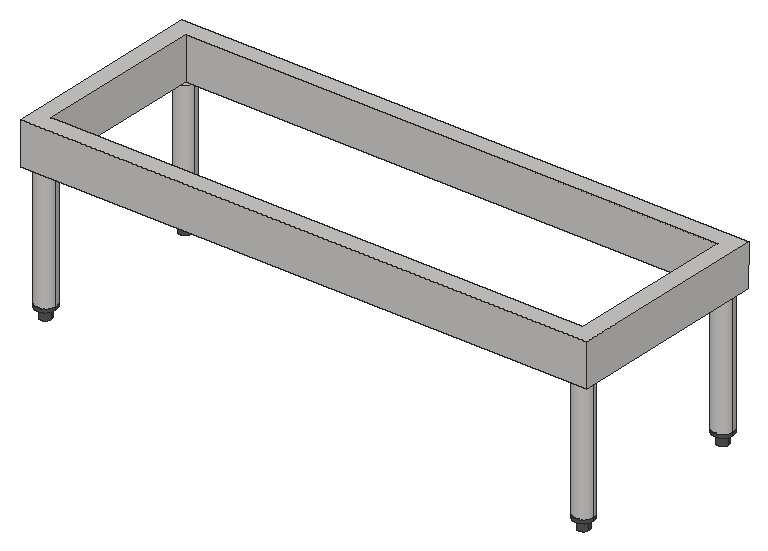
Revit family "QF_CAPIC_PT_W293017", category Equipement spécialisé, Revit 2018
Family settings
  Cote de connecteur circulaire = Utiliser le diamètre
  Type d'élément = Normal
  Numéro OmniClass = 23.40.40.14
  Titre OmniClass = Food Service Equipment
  Basée sur le plan de construction = Non
  Toujours verticalement = Oui
  Couper avec des vides une fois chargée = Non
  Partagée = Non
  Point de calcul de pièce = Non
Parameters (values of type "L=2000mm")
  URL catalogue = "http://www.capic-fr.com/fr/"
  Type de Raccord Plomberie [instance] = ""
  Type de Raccord Electrique [instance] = ""
  Type de Gaz = ""
  Type article [instance] = ""
  Tension = 0 V
  Spécification du Fabricant = ""
  Show Logo = yes
  Remarques evacuation [instance] = ""
  Remarques Plomberie [instance] = ""
  Remarques Electricité [instance] = ""
  Puissance électrique  = 0 W
  Puissance Gaz kW = 0
  Profondeur hors tout = 715 mm
  Pression Maximum Eau Adoucie = 0.0 Pa
  Poids net à vide = 110.00 kg
  Phase = 0
  Modèle = "W293017"
  Longueur hors tout = 2000 mm
  Intensité nominale = 0 A
  Hauteur hors tout = 630 mm
  Hauteur de Raccordement du Sol Finis = 0 mm
  Hauteur de Raccordement Gaz du Sol Finis = 0 mm
  Hauteur de Raccordement Evacuation Directe du Sol Finis = 0 mm
  Hauteur de Raccordement Eau Froide du Sol Finis = 0 mm
  Hauteur de Raccordement Eau Chaude du Sol Finis = 0 mm
  Hauteur de Raccordement Eau Adoucie du Sol Finis = 0 mm
  Fréquence = 0 Hz
  Fabricant = "CAPIC"
  Débit d'air d'extraction = 0.0 m³/h
  Débit Gaz = 0.0 L/s
  Débit Eau Froide = 0.0 L/s
  Débit Eau Chaude = 0.0 L/s
  Débit Eau Adoucie = 0.0 L/s
  Diamètre de Raccordement Gaz = 0 mm
  Diamètre de Raccordement Evacuation = 0 mm
  Diamètre de Raccordement Eau Froide = 0 mm
  Diamètre de Raccordement Eau Chaude = 0 mm
  Diamètre de Raccordement Eau Adoucie = 0 mm
  Description = "Pietement tubes ronds"
  Assembly Code = ""
  Classification  Omniclass nombre et titre = "23.40.40.14"
Reference planes
  plane 1 "Centre (avant/arrière)": y = 0
  plane 2: z = 0
  plane 3 "Centre (gauche/droite)": x = 0
  plane 4 "Centre G/E": y = 0
  plane 5: y = -838
  plane 6: z = 630
  plane 7: y = -123
  plane 8: x = 2000
  plane 9: z = 481
  plane 10: y = -173
  plane 11: y = -788
  plane 12: x = 50
  plane 13: x = 1950
  plane 14: z = 46
Forms (mm)
  Extrusion 1, solid, material "QF_Stainless Steel-Brushed"
    sketch origin (4267.2, -1071.386, 630) x (0, -1, 0) y (1, 0, 0)
      loop
        line (-948.386, -4267.2) -> (-233.386, -4267.2) -> (-233.386, -2267.2) -> (-948.386, -2267.2) -> (-948.386, -4267.2)
      loop
        line (-888.386, -2327.2) -> (-888.386, -4207.2) -> (-293.386, -4207.2) -> (-293.386, -2327.2) -> (-888.386, -2327.2)
    from 0 to -149
  Extrusion 2, solid, material "QF_Stainless Steel-Brushed"
    sketch origin (0, 0, 0) x (1, 0, 0) y (0, 1, 0)
      loop
        circle (50, -173) r 35
    from 46 to 481
  Revolve 3, solid, material "QF_Plastic-Black"
    sketch origin (-199.347, -173, 4000) x (-1, 0, 0) y (0, 0, 1)
      loop
        line (-284.347, -3954) -> (-284.347, -3966) -> (-269.347, -3966) -> (-269.347, -4000) -> (-249.347, -4000) -> (-249.347, -3954) -> (-284.347, -3954)
      axis (-249.347, -4000) -> (-249.347, -3954)
    angle from 0 to 360
  Extrusion 4, solid, material "QF_Stainless Steel-Brushed"
    sketch origin (220, 0, 0) x (1, 0, 0) y (0, 1, 0)
      loop
        circle (1730, -173) r 35
    from 46 to 481
  Revolve 5, solid, material "QF_Plastic-Black"
    sketch origin (160.653, -173, 4000) x (-1, 0, 0) y (0, 0, 1)
      loop
        line (-1824.347, -3954) -> (-1824.347, -3966) -> (-1809.347, -3966) -> (-1809.347, -4000) -> (-1789.347, -4000) -> (-1789.347, -3954) -> (-1824.347, -3954)
      axis (-1789.347, -4000) -> (-1789.347, -3954)
    angle from 0 to 360
  Extrusion 6, solid, material "QF_Stainless Steel-Brushed"
    sketch origin (0, -615, 0) x (1, 0, 0) y (0, 1, 0)
      loop
        circle (50, -173) r 35
    from 46 to 481
  Revolve 7, solid, material "QF_Plastic-Black"
    sketch origin (-133.843, -788, 4000) x (-1, 0, 0) y (0, 0, 1)
      loop
        line (-218.843, -3954) -> (-218.843, -3966) -> (-203.843, -3966) -> (-203.843, -4000) -> (-183.843, -4000) -> (-183.843, -3954) -> (-218.843, -3954)
      axis (-183.843, -4000) -> (-183.843, -3954)
    angle from 0 to 360
  Extrusion 8, solid, material "QF_Stainless Steel-Brushed"
    sketch origin (230, -615, 0) x (1, 0, 0) y (0, 1, 0)
      loop
        circle (1720, -173) r 35
    from 46 to 481
  Revolve 9, solid, material "QF_Plastic-Black"
    sketch origin (-133.843, -788, 4000) x (-1, 0, 0) y (0, 0, 1)
      loop
        line (-2118.843, -3954) -> (-2118.843, -3966) -> (-2103.843, -3966) -> (-2103.843, -4000) -> (-2083.843, -4000) -> (-2083.843, -3954) -> (-2118.843, -3954)
      axis (-2083.843, -4000) -> (-2083.843, -3954)
    angle from 0 to 360
Dimensions and locks
  locked: plane 7 to Extrusion 1 sketch curve at 60
  locked: Extrusion 1 sketch curve to plane 5 at 60
  locked: plane 3 "Centre (gauche/droite)" to Extrusion 1 sketch curve at 60
  locked: Extrusion 1 sketch curve to plane 8 at 60
  "Longueur hors tout": plane 3 "Centre (gauche/droite)" to plane 8
  "Hauteur hors tout": plane 6 to level
  locked: plane 7 to plane 10 at 50
  locked: plane 11 to plane 5 at 50
  locked: plane 3 "Centre (gauche/droite)" to plane 12 at 50
  locked: plane 13 to plane 8 at 50
  locked: Revolve 3 sketch curve to plane 12 at 35
  locked: plane 14 to Revolve 3 sketch curve at 12
  locked: Revolve 3 sketch curve to plane 12 at 20
  Revolve 5 sketch curve to Revolve 5 sketch curve to plane 13 = 15 mm locked, 20 mm locked
  "Profondeur hors tout": plane 7 to plane 5
  locked: plane 14 to Revolve 5 sketch curve at 12
  locked: Revolve 7 sketch curve to plane 12 at 20
  locked: Revolve 7 sketch curve to plane 12 at 35
  locked: Revolve 3 to plane 14 at 12
  locked: plane 14 to Revolve 5 at 12
  locked: Revolve 9 sketch curve to plane 13 at 20
  locked: Revolve 9 sketch curve to plane 13 at 35
  locked: plane 6 to plane 9 at 149
  locked: plane 9 to plane 14 at 435
  aligned and locked: level to plane 2
  aligned and locked: Extrusion 1 sketch curve to plane 7
  aligned and locked: plane 3 "Centre (gauche/droite)" to Extrusion 1 sketch curve
  aligned and locked: Extrusion 1 sketch curve to plane 5
  aligned and locked: Extrusion 1 sketch curve to plane 8
  aligned and locked: Extrusion 1 to plane 9
  aligned and locked: plane 6 to Extrusion 1
  aligned and locked: plane 9 to Extrusion 2
  aligned and locked: Extrusion 2 to plane 14
  aligned and locked: plane 12 to Extrusion 2 sketch curve
  aligned and locked: plane 10 to Extrusion 2 sketch curve
  aligned and locked: level to Revolve 3 sketch curve
  aligned and locked: plane 12 to Revolve 3 sketch curve
  aligned and locked: Revolve 3 sketch curve to plane 14
  aligned and locked: plane 13 to Extrusion 4 sketch curve
  aligned and locked: Extrusion 4 sketch curve to plane 10
  aligned and locked: plane 13 to Revolve 5 sketch curve  (x2)
  aligned and locked: Revolve 5 sketch curve to level
  aligned and locked: plane 14 to Revolve 5 sketch curve
  aligned and locked: plane 12 to Extrusion 6 sketch curve
  aligned and locked: plane 11 to Extrusion 6 sketch curve
  aligned and locked: plane 9 to Extrusion 6
  aligned and locked: Extrusion 6 to plane 14
  aligned and locked: plane 14 to Revolve 7 sketch curve
  aligned and locked: Revolve 7 sketch curve to level
  aligned and locked: plane 9 to Extrusion 4
  aligned and locked: Extrusion 4 to plane 14
  aligned and locked: plane 13 to Extrusion 8 sketch curve
  aligned and locked: Extrusion 8 sketch curve to plane 11
  aligned and locked: Revolve 3 to plane 14
  aligned and locked: Extrusion 8 to Extrusion 1
  aligned and locked: plane 14 to Revolve 9 sketch curve
  aligned and locked: Revolve 9 sketch curve to level
  aligned and locked: plane 14 to Extrusion 8
Automatic sketch dimensions
  Revolve 3 sketch curve to plane 12 = 0 mm
  Revolve 3 sketch curve to level = 0 mm
  Revolve 3 sketch curve to plane 14 = 0 mm
  Revolve 5 sketch curve to level = 0 mm
  Revolve 5 sketch curve to plane 14 = 0 mm
  Revolve 9 sketch curve to plane 13 = 0 mm  (x2)
  Revolve 9 sketch curve to plane 14 = 12 mm
  Revolve 9 sketch curve to level = 88.15 mm
  Revolve 9 sketch curve to Revolve 9 sketch curve = 37 mm
  Revolve 7 sketch curve to plane 12 = 0 mm  (x2)
  Revolve 7 sketch curve to plane 14 = 12 mm
  Revolve 7 sketch curve to level = 25 mm
  Revolve 7 sketch curve to Revolve 7 sketch curve = 12 mm
  radius of Extrusion 2 sketch curve = 35 mm
  radius of Extrusion 4 sketch curve = 35 mm
  radius of Extrusion 6 sketch curve = 35 mm
  radius of Extrusion 8 sketch curve = 35 mm
